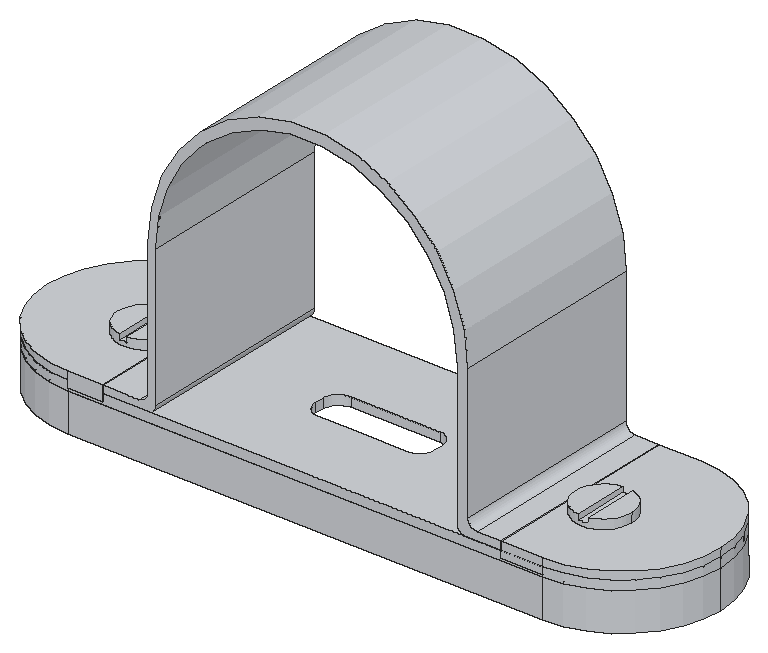
Revit family "SBS32B", category Generic Models, Revit 2017
Family settings
  Can host rebar = No
  Round Connector Dimension = Use Diameter
  Part Type = Normal
  Work Plane-Based = Yes
  Always vertical = No
  Cut with Voids When Loaded = No
  Shared = No
  Room Calculation Point = No
Parameters (values of type "NBS Standard Parameters")
  Weight = "0.0155Kg"
  WarrantyStartDate [instance] = "1900-12-31T23:59:59"
  WarrantyGuarantorParts = "n/a"
  WarrantyGuarantorLabor = "n/a"
  WarrantyDurationUnit = "1 year"
  WarrantyDurationParts = "n/a"
  WarrantyDurationLabor = "n/a"
  WarrantyDescription = "n/a"
  Version = "1"
  Uniclass2 = "Pr_65_70_11_20"
  TagNumber [instance] = "n/a"
  SustainabilityPerformance = "n/a"
  Size = "32mm"
  Shape = "n/a"
  SerialNumber [instance] = "n/a"
  Revision = "n/a"
  ReplacementCost = "n/a"
  ProductInformation = "www.metpro.co.uk/pdf/sbs32g.pdf"
  NominalWidth = 21 mm
  NominalLength = 71.5 mm
  NominalHeight = 36 mm
  Name = ""
  NBSTypeID = ""
  NBSReference = "90-55-10/460"
  NBSOfficeMasterTag = ""
  NBSNote = ""
  NBSDescription = "Conduit Fittings"
  NBSCertification = ""
  ModelReference = "SBS32B"
  ModelNumber = "n/a"
  Material = "Pressed Steel"
  ManufacturerURL = "www.metpro.co.uk"
  ManufacturerName = "Metpro Ltd"
  InstallationDate [instance] = "1900-12-31T23:59:59"
  IfcExportType = ""
  IfcExportAs = ""
  Grade = "n/a"
  Finish = "Black"
  Features = "n/a"
  ExpectedLife = "n/a"
  DurationUnit = "year"
  Description = "SBS32B  -  32mm Spacer Bar Saddle"
  Default Elevation = 1219.2 mm
  Constituents = "n/a"
  Color = "n/a"
  CodePerformance = "n/a"
  Category = "n/a"
  BarCode [instance] = "n/a"
  BIMObjectName = "Metpro-metprolibrary_conduitfittings_metalcomponents_steelaccessories"
  Author = "Metpro Ltd"
  AssetType = ""
  AssetIdentifier [instance] = "n/a"
  AccessibilityPerformance = "n/a"
Reference planes
  plane 1 "Center (Front/Back)": y = 0
  plane 2: z = 0
  plane 3 "Center (Left/Right)": x = 0
Forms (mm)
  Extrusion 1, solid
    sketch origin (0, 13.214, 2.798) x (1, 0, 0) y (0, 0, 1)
      loop
        line (16, 6.875) -> (16, -8.137)
        arc (16, -8.137) -> (16.234, -8.702) -> (16.774, -8.953) r 0.8
        line (16.774, -8.953) -> (20.618, -8.953) -> (20.618, -8.137) -> (18.099, -8.137)
        arc (18.099, -8.137) -> (17.408, -7.851) -> (17.122, -7.16) r 0.977
        line (17.122, -7.16) -> (17.122, 7.044)
        arc (17.122, 7.044) -> (0.122, 24.044) -> (-16.878, 7.044) r 17
        line (-16.878, 7.044) -> (-16.878, -7.165)
        arc (-16.878, -7.165) -> (-17.162, -7.852) -> (-17.85, -8.137) r 0.972
        line (-17.85, -8.137) -> (-21.726, -8.137) -> (-21.726, -8.953) -> (-16.855, -8.953)
        arc (-16.855, -8.953) -> (-16.25, -8.703) -> (-16, -8.099) r 0.855
        line (-16, -8.099) -> (-16, 6.875)
        arc (-16, 6.875) -> (0, 22.875) -> (16, 6.875) r 16
    from -2.488 to 18.5
  Extrusion 2, solid
    sketch origin (-23.542, 13.214, -6.155) x (0, -1, 0) y (-1, 0, 0)
      loop
        line (10.419, -22.136) -> (10.419, -18.328)
        arc (10.419, -18.328) -> (9.907, -17.093) -> (8.671, -16.581) r 1.748
        line (8.671, -16.581) -> (7.711, -16.581)
        arc (7.711, -16.581) -> (6.522, -17.074) -> (6.029, -18.264) r 1.683
        line (6.029, -18.264) -> (6.029, -27.657)
        arc (6.029, -27.657) -> (6.531, -28.87) -> (7.744, -29.372) r 1.715
        line (7.744, -29.372) -> (8.729, -29.372)
        arc (8.729, -29.372) -> (9.924, -28.877) -> (10.419, -27.682) r 1.69
        line (10.419, -27.682) -> (10.419, -22.136)
      loop
        line (18.5, -48.677) -> (18.5, 1.912)
        arc (18.5, 1.912) -> (15.427, 9.334) -> (8.006, 12.412) r 10.5
        arc (8.006, 12.412) -> (0.585, 9.334) -> (-2.488, 1.912) r 10.5
        line (-2.488, 1.912) -> (-2.488, -48.677)
        arc (-2.488, -48.677) -> (0.585, -56.099) -> (8.006, -59.177) r 10.5
        arc (8.006, -59.177) -> (15.427, -56.099) -> (18.5, -48.677) r 10.5
    from 0 to 1
  Extrusion 3, solid
    sketch origin (-23.542, 13.214, -7.155) x (0, -1, 0) y (1, 0, 0)
      loop
        arc (18.5, 48.677) -> (15.427, 56.099) -> (8.006, 59.177) r 10.5
        arc (8.006, 59.177) -> (0.585, 56.099) -> (-2.488, 48.677) r 10.5
        line (-2.488, 48.677) -> (-2.488, -1.912)
        arc (-2.488, -1.912) -> (0.585, -9.334) -> (8.006, -12.412) r 10.5
        arc (8.006, -12.412) -> (15.427, -9.334) -> (18.5, -1.912) r 10.5
        line (18.5, -1.912) -> (18.5, 48.677)
      loop
        arc (17.5, 48.677) -> (14.72, 55.392) -> (8.006, 58.177) r 9.5
        arc (8.006, 58.177) -> (1.292, 55.392) -> (-1.488, 48.677) r 9.5
        line (-1.488, 48.677) -> (-1.488, -1.912)
        arc (-1.488, -1.912) -> (1.292, -8.627) -> (8.006, -11.412) r 9.5
        arc (8.006, -11.412) -> (14.72, -8.627) -> (17.5, -1.912) r 9.5
        line (17.5, -1.912) -> (17.5, 48.677)
    from 0 to -4.102
  Extrusion 4, solid
    sketch origin (10.708, 13.214, -5.339) x (1, 0, 0) y (0, 1, 0)
      loop
        circle (13.456, -9.237) r 3
      loop
        circle (-35.191, -9.237) r 3
    from 0 to 0.948
  Extrusion 5, void
    sketch origin (10.708, 13.214, -4.391) x (0, 1, 0) y (1, 0, 0)
      loop
        line (-13.317, -34.82) -> (-13.317, -35.657) -> (-5.123, -35.657) -> (-5.123, -34.82) -> (-13.317, -34.82)
      loop
        line (-12.698, 13.13) -> (-5.345, 13.13) -> (-5.345, 14.161) -> (-12.698, 14.161) -> (-12.698, 13.13)
    from 0 to 0.5
  Extrusion 6, solid
    sketch origin (-23.542, 13.214, -6.155) x (1, 0, 0) y (0, -1, 0)
      loop
        arc (-1.912, 18.5) -> (-9.334, 15.427) -> (-12.412, 8.006) r 10.5
        arc (-12.412, 8.006) -> (-9.334, 0.585) -> (-1.912, -2.488) r 10.5
        line (-1.912, -2.488) -> (1.817, -2.488) -> (1.817, 18.5) -> (-1.912, 18.5)
      loop
        arc (48.677, -2.488) -> (56.099, 0.585) -> (59.177, 8.006) r 10.5
        arc (59.177, 8.006) -> (56.099, 15.427) -> (48.677, 18.5) r 10.5
        line (48.677, 18.5) -> (44.161, 18.5) -> (44.161, -2.488) -> (48.677, -2.488)
    from -0.817 to 0.8
Cuts and joins
  Extrusion 5 cuts Extrusion 2
  Extrusion 5 cuts Extrusion 4
Dimensions and locks
  aligned and locked: level to plane 2
